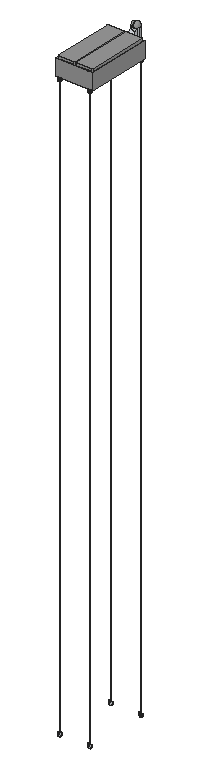
Revit family "62145", category Lighting Fixtures, host Face, Revit 2018
Family settings
  Host = Face
  Round Connector Dimension = Use Diameter
  Part Type = Normal
  OmniClass Number = 23.80.70.00
  OmniClass Title = Lighting
  Cut with Voids When Loaded = No
  Light Source = Yes
  Shared = No
  Room Calculation Point = No
Parameters (values of type "0062145 KUBIXX 4000K 9KLM WIDE SSA")
  Weight = "n/a"
  Wattage Comments = ""
  Wattage = 9.2903 W
  WarrantyStartDate [instance] = "n/a"
  WarrantyGuarantorParts = "n/a"
  WarrantyDurationUnit = "n/a"
  WarrantyDurationParts = ""
  WarrantyDescription = "http://www.sylvania-lighting.com"
  built-in parameter 1150110 = 1 (stored number, unit not read)
  Voltage = 0 V
  URL = "0"
  TypeName = "KubiXx 4000K 9KLM WIDE SSA"
  Type Image = <None>
  Type Comments = "n/a"
  built-in parameter 1114217 = 1 (stored number, unit not read)
  Total Length = 411.857 mm
  Tilt Angle = -90.00°
  built-in parameter 1150109 = 1 (stored number, unit not read)
  built-in parameter 1150134 = 3
  Suspension height = 3000 mm
  built-in parameter 1150113 = 1 (stored number, unit not read)
  SerialNumber [instance] = "n/a"
  Photometric Web File = "0062145.IES"
  Material_3_SYL = none
  PowerFactor = 0
  PowerConsumption = "Lighting"
  NominalLength = 190 mm
  NominalHeight = 94 mm
  NominalDepth = 330 mm
  Name = "KubiXx 4000K 9KLM WIDE SSA"
  ModelReference = Name  # "KubiXx 4000K 9KLM WIDE SSA"
  ModelNumber = "0062145"
  Model = Name  # "KubiXx 4000K 9KLM WIDE SSA"
  Material = "Feilo Sylvania"
  ManufacturerName = "172 lm/W"
  Manufacturer = ""
  LuminousEfficacy = ""
  built-in parameter 1150105 = 109.82 (stored number, unit not read)
  Lumens = 1380 lm
  LuminaireType = "0"
  built-in parameter 1150115 = 1 (stored number, unit not read)
  LightOutputRatio = "LED"
  built-in parameter 1150137 = (empty or 0)
  built-in parameter 1150139 = (empty or 0)
  LampsType = Lamp  # "n/a"
  LampNominalLuminous = "4000 K"
  LampMacAdamStep = "80"
  LampColourTemperature = "LED"
  LampColourRenderingIndex = "16500"
  built-in parameter 1150112 = 1 (stored number, unit not read)
  built-in parameter 1150114 = 1 (stored number, unit not read)
  Lamp = "n/a"
  Keynote = "n/a"
  InstallationDate [instance] = "n/a"
  InputVoltage = "0"
  InputNominalFrequency = "4000"
  built-in parameter 1150132 = (empty or 0)
  built-in parameter 1150102 = (empty or 0)
  built-in parameter 1150107 = 3200 (stored number, unit not read)
  built-in parameter 1150138 = (empty or 0)
  IngressProtection = "IfcLightFixtureType"
  ImpactProtectionIndex = "IfcLightFixtureType"
  built-in parameter 1150106 = 1.0982 (stored number, unit not read)
  IfcExportType = "IfcLightFixtureType"
  IfcExportAs = "Class I"
  Emit from Circle Diameter = 609.6 mm
  Emit Shape Visible in Rendering = no
  ElectricShockClassification = "172"
  built-in parameter 1150104 = 13.8 (stored number, unit not read)
  DocumentationLiterature = "http://www.sylvania-lighting.com/product/en-int/products/0062145"
  DimmingControlOptions = "n/a"
  Material_2_SYL = none
  Dimming Lamp Color Temperature Shift = <None>
  Description = "Logistics and Industry high bay luminaire with wide optics to provide homogenous light distribution for open space areas. 9300lumens, 54W, 172lm/W, 4000K, CRI80, wide beam optic, SylSmart SSA dimmable, 3 step MacAdam ellipse, grey finish (RAL7012), Class 1, 220-240V, IP65, IK06."
  Default Elevation = 1219.2 mm
  CreatedOn = "07/11/2023"
  CreatedBy = "@sylvania-lighting.com"
  Cost = 0
  Color Filter = 16777215
  built-in parameter 1114216 [instance] = (empty or 0)
  ClassificationValue = "EF_70_80"
  ClassificationName = "Uniclass2015"
  Material_1_SYL = none
  BarCode [instance] = "n/a"
  built-in parameter 1114218 = 1 (stored number, unit not read)
  built-in parameter 1150133 = 10 (stored number, unit not read)
  AssetType = "Fixed"
  AssetIdentifier [instance] = "n/a"
  Assembly Code = "D5020200"
  Apparent Load = 54 VA
  Material_4_SYL = none
Reference planes
  plane 1 "Center (Front/Back)": y = 0
  plane 2: z = 0
  plane 3 "Center (Left/Right)": x = 0
  plane 4: x = -95
  plane 5: x = 95
  plane 6: y = 165
  plane 7: y = -165
  plane 8: z = 94
  plane 9: y = 160
  plane 10: y = -160
  plane 11: x = -93.6
  plane 12: x = -89.2
  plane 13: x = -2.2
  plane 14: x = 2.2
  plane 15: x = 89.2
  plane 16: x = 93.6
  plane 17: x = 77.2
  plane 18: x = -77.2
  plane 19: x = -87.2
  plane 20: x = -67.2
  plane 21: z = -18
  plane 22: y = 162
  plane 23: z = -8
  plane 24: y = -162
  plane 25: z = 3083
  plane 26: z = 3094
  plane 27: y = 163.5
  plane 28: z = 3000
  plane 29: z = 2982
  plane 30: y = -275
  plane 31: z = 3051.416
  plane 32: z = 3086.416
  plane 33: z = 3075.416
  plane 34: y = -213
  plane 35: y = -255
  plane 36: z = 3081.416
  plane 37: x = 0
  plane 38: x = -20.5
  plane 39: x = 20.5
  plane 40: z = 3071
  plane 41: y = -259
  plane 42: y = -243
  plane 43: y = -200
  plane 44: y = 246.857
Forms (mm)
  Extrusion 1, solid, material "Aluminum", detail levels medium+fine
    sketch origin (0, 0, 0) x (1, 0, 0) y (0, 1, 0)
      loop
        line (-95, 165) -> (-95, -165) -> (95, -165) -> (95, 165) -> (-95, 165)
    from 3000 to 3083
  Extrusion 2, solid, material "Acetal Resin, White", detail levels medium+fine
    sketch origin (91.4, 0, 0) x (1, 0, 0) y (0, 1, 0)
      loop
        arc (-175.6, 160) -> (-179.136, 158.536) -> (-180.6, 155) r 5
        line (-180.6, 155) -> (-180.6, -155)
        arc (-180.6, -155) -> (-179.136, -158.536) -> (-175.6, -160) r 5
        line (-175.6, -160) -> (-98.6, -160)
        arc (-98.6, -160) -> (-95.064, -158.536) -> (-93.6, -155) r 5
        line (-93.6, -155) -> (-93.6, 155)
        arc (-93.6, 155) -> (-95.064, 158.536) -> (-98.6, 160) r 5
        line (-98.6, 160) -> (-175.6, 160)
    from 3083 to 3094
  Extrusion 3, solid, material "Acetal Resin, White", detail levels medium+fine
    sketch origin (182.8, 0, 0) x (1, 0, 0) y (0, 1, 0)
      loop
        arc (-175.6, 160) -> (-179.136, 158.536) -> (-180.6, 155) r 5
        line (-180.6, 155) -> (-180.6, -155)
        arc (-180.6, -155) -> (-179.136, -158.536) -> (-175.6, -160) r 5
        line (-175.6, -160) -> (-98.6, -160)
        arc (-98.6, -160) -> (-95.064, -158.536) -> (-93.6, -155) r 5
        line (-93.6, -155) -> (-93.6, 155)
        arc (-93.6, 155) -> (-95.064, 158.536) -> (-98.6, 160) r 5
        line (-98.6, 160) -> (-175.6, 160)
    from 3083 to 3094
  Extrusion 4, solid
    sketch origin (0, 0, 0) x (1, 0, 0) y (0, 0, 1)
      loop
        line (-87.2, 0) -> (-87.2, -8)
        arc (-87.2, -8) -> (-84.271, -15.071) -> (-77.2, -18) r 10
        arc (-77.2, -18) -> (-70.129, -15.071) -> (-67.2, -8) r 10
        line (-67.2, -8) -> (-67.2, 0) -> (-87.2, 0)
    from -165 to -162
  Extrusion 5, void
    sketch origin (0, 0, 0) x (1, 0, 0) y (0, 0, 1)
      loop
        circle (-77.2, -8) r 3
    from -169.572 to 175.485
  Extrusion 6, solid
    sketch origin (154.4, 0, 0) x (1, 0, 0) y (0, 0, 1)
      loop
        line (-87.2, 0) -> (-87.2, -8)
        arc (-87.2, -8) -> (-84.271, -15.071) -> (-77.2, -18) r 10
        arc (-77.2, -18) -> (-70.129, -15.071) -> (-67.2, -8) r 10
        line (-67.2, -8) -> (-67.2, 0) -> (-87.2, 0)
    from -165 to -162
  Extrusion 7, void
    sketch origin (154.4, 0, 0) x (1, 0, 0) y (0, 0, 1)
      loop
        circle (-77.2, -8) r 3
    from -169.572 to 188.62
  Extrusion 8, solid
    sketch origin (0, 0, 0) x (1, 0, 0) y (0, 0, 1)
      loop
        line (-87.2, 0) -> (-87.2, -8)
        arc (-87.2, -8) -> (-84.271, -15.071) -> (-77.2, -18) r 10
        arc (-77.2, -18) -> (-70.129, -15.071) -> (-67.2, -8) r 10
        line (-67.2, -8) -> (-67.2, 0) -> (-87.2, 0)
    from 162 to 165
  Extrusion 9, solid
    sketch origin (153.445, 0, 0) x (1, 0, 0) y (0, 0, 1)
      loop
        line (-86.235, 0) -> (-86.235, -7.889)
        arc (-86.235, -7.889) -> (-83.306, -14.96) -> (-76.235, -17.889) r 10
        arc (-76.235, -17.889) -> (-69.163, -14.96) -> (-66.235, -7.889) r 10
        line (-66.235, -7.889) -> (-66.235, 0) -> (-86.235, 0)
    from 162 to 165
  Extrusion 10, solid, material "Aluminum", detail levels fine
    sketch origin (0, 0, 2992) x (1, 0, 0) y (0, 0, 1)
      loop
        line (-87.2, 8) -> (-87.2, 0)
        arc (-87.2, 0) -> (-84.271, -7.071) -> (-77.2, -10) r 10
        arc (-77.2, -10) -> (-70.129, -7.071) -> (-67.2, 0) r 10
        line (-67.2, 0) -> (-67.2, 8) -> (-87.2, 8)
    from -165 to -162
  Extrusion 11, void
    sketch origin (0.086, 0, 2990.692) x (1, 0, 0) y (0, 0, 1)
      loop
        circle (-77.2, 0) r 3
    from -169.572 to 175.485
  Extrusion 12, solid, material "Aluminum", detail levels fine
    sketch origin (154.4, 0, 2992) x (1, 0, 0) y (0, 0, 1)
      loop
        line (-87.2, 8) -> (-87.2, 0)
        arc (-87.2, 0) -> (-84.271, -7.071) -> (-77.2, -10) r 10
        arc (-77.2, -10) -> (-70.129, -7.071) -> (-67.2, 0) r 10
        line (-67.2, 0) -> (-67.2, 8) -> (-87.2, 8)
    from -165 to -162
  Extrusion 13, void
    sketch origin (154.475, 0, 2991.254) x (1, 0, 0) y (0, 0, 1)
      loop
        circle (-77.2, 0) r 3
    from -169.572 to 188.62
  Extrusion 14, solid, material "Aluminum", detail levels fine
    sketch origin (0, 0, 2992) x (1, 0, 0) y (0, 0, 1)
      loop
        line (-87.2, 8) -> (-87.2, 0)
        arc (-87.2, 0) -> (-84.271, -7.071) -> (-77.2, -10) r 10
        arc (-77.2, -10) -> (-70.129, -7.071) -> (-67.2, 0) r 10
        line (-67.2, 0) -> (-67.2, 8) -> (-87.2, 8)
    from 162 to 165
  Extrusion 15, solid, material "Aluminum", detail levels fine
    sketch origin (153.445, 0, 2992) x (1, 0, 0) y (0, 0, 1)
      loop
        line (-86.235, 8) -> (-86.235, 0.111)
        arc (-86.235, 0.111) -> (-83.306, -6.96) -> (-76.235, -9.889) r 10
        arc (-76.235, -9.889) -> (-69.163, -6.96) -> (-66.235, 0.111) r 10
        line (-66.235, 0.111) -> (-66.235, 8) -> (-86.235, 8)
    from 162 to 165
  Extrusion 16, solid, material "Stainless Steel"
    sketch origin (0, 0, 0) x (1, 0, 0) y (0, 1, 0)
      loop
        circle (-77.2, 163.5) r 1
    from 0 to 3000
  Extrusion 17, solid, material "Stainless Steel"
    sketch origin (154.4, 0, 0) x (1, 0, 0) y (0, 1, 0)
      loop
        circle (-77.2, 163.5) r 1
    from 0 to 3000
  Extrusion 18, solid, material "Stainless Steel"
    sketch origin (0, -327, 0) x (1, 0, 0) y (0, 1, 0)
      loop
        circle (-77.2, 163.5) r 1
    from 0 to 3000
  Extrusion 19, solid, material "Stainless Steel"
    sketch origin (154.386, -327.05, 0) x (1, 0, 0) y (0, 1, 0)
      loop
        circle (-77.2, 163.5) r 1
    from 0 to 3000
  Extrusion 20, solid, detail levels coarse
    sketch origin (0, 0, 0) x (1, 0, 0) y (0, 0, 1)
      loop
        line (-95, 3094) -> (-95, 0) -> (95, 0) -> (95, 3094) -> (-95, 3094)
    from -246.857 to 165
  Extrusion 21, solid, material "Acetal Resin, White", not visible
    sketch origin (319, 1524, 1219.2) x (0, 1, 0) y (0, 0, 1)
      loop
        line (-1689, 1833.8) -> (-1689, 1863.8) -> (-1799, 1863.8) -> (-1799, 1833.8) -> (-1689, 1833.8)
    from -339.5 to -298.5
  Revolve 22, solid, material "Acetal Resin, White", not visible
    sketch origin (-0.37, 1524, 1219.2) x (0, 1, 0) y (0, 0, 1)
      loop
        line (-1783, 1851.8) -> (-1767, 1851.8)
        arc (-1767, 1851.8) -> (-1773.505, 1859.304) -> (-1783, 1862.216) r 18.002
        line (-1783, 1862.216) -> (-1783, 1851.8)
      axis (-1783, 1862.216) -> (-1783, 1851.8)
    angle from -180 to 179.537
  Extrusion 23, solid, material "Acetal Resin, White", not visible
    sketch origin (319, 1524, 1219.2) x (0, 1, 0) y (0, 0, 1)
      loop
        line (-1689, 1833.8) -> (-1689, 1863.8) -> (-1799, 1863.8) -> (-1799, 1833.8) -> (-1689, 1833.8)
    from -339.5 to -298.5
  Extrusion 24, void, not visible
    sketch origin (0, 0, 0) x (1, 0, 0) y (0, 1, 0)
      loop
        line (-20.5, -254.5) -> (-20.5, -275) -> (0, -275)
        arc (0, -275) -> (-14.496, -268.996) -> (-20.5, -254.5) r 20.5
    from 3000 to 3132.374
  Extrusion 25, void, not visible
    sketch origin (0, 0, 0) x (1, 0, 0) y (0, 1, 0)
      loop
        arc (20.5, -254.5) -> (14.496, -268.996) -> (0, -275) r 20.5
        line (0, -275) -> (20.5, -275) -> (20.5, -254.5)
    from 3030.992 to 3095.862
  Extrusion 26, void, not visible
    sketch origin (319, 1524, 1219.2) x (0, 1, 0) y (0, 0, 1)
      loop
        line (-1724, 1863.8) -> (-1799, 1863.8) -> (-1799, 1851.8) -> (-1767, 1851.8) -> (-1724, 1863.8)
    from -390.202 to -258.5
  Revolve 27, solid, material "Acetal Resin, White", not visible
    sketch origin (-0.37, 1524, 1219.2) x (0, 1, 0) y (0, 0, 1)
      loop
        line (-1783, 1851.8) -> (-1767, 1851.8)
        arc (-1767, 1851.8) -> (-1773.505, 1859.304) -> (-1783, 1862.216) r 18.002
        line (-1783, 1862.216) -> (-1783, 1851.8)
      axis (-1783, 1862.216) -> (-1783, 1851.8)
    angle from -180 to 179.537
  Extrusion 28, solid, material "Acetal Resin, White", not visible
    sketch origin (319, 1524, 1219.2) x (0, 1, 0) y (0, 0, 1)
      loop
        line (-1689, 1833.8) -> (-1689, 1863.8) -> (-1799, 1863.8) -> (-1799, 1833.8) -> (-1689, 1833.8)
    from -339.5 to -298.5
  Extrusion 29, void, not visible
    sketch origin (0, 0, 0) x (1, 0, 0) y (0, 1, 0)
      loop
        line (-20.5, -254.5) -> (-20.5, -275) -> (0, -275)
        arc (0, -275) -> (-14.496, -268.996) -> (-20.5, -254.5) r 20.5
    from 3000 to 3132.374
  Extrusion 30, void, not visible
    sketch origin (0, 0, 0) x (1, 0, 0) y (0, 1, 0)
      loop
        arc (20.5, -254.5) -> (14.496, -268.996) -> (0, -275) r 20.5
        line (0, -275) -> (20.5, -275) -> (20.5, -254.5)
    from 3030.992 to 3095.862
  Extrusion 31, void, not visible
    sketch origin (319, 1524, 1219.2) x (0, 1, 0) y (0, 0, 1)
      loop
        line (-1724, 1863.8) -> (-1799, 1863.8) -> (-1799, 1851.8) -> (-1767, 1851.8) -> (-1724, 1863.8)
    from -390.202 to -258.5
  Revolve 32, solid, material "Acetal Resin, White", not visible
    sketch origin (-0.37, 1524, 1219.2) x (0, 1, 0) y (0, 0, 1)
      loop
        line (-1783, 1851.8) -> (-1767, 1851.8)
        arc (-1767, 1851.8) -> (-1773.505, 1859.304) -> (-1783, 1862.216) r 18.002
        line (-1783, 1862.216) -> (-1783, 1851.8)
      axis (-1783, 1862.216) -> (-1783, 1851.8)
    angle from -180 to 179.537
  Blend 33, solid
    base sketch origin (0, -0.051, 0) x (1, 0, 0) y (0, 1, 0)
      loop
        circle (0, 228) r 19
    top sketch origin (0, -0.051, 0) x (1, 0, 0) y (0, 1, 0)
      loop
        circle (0, 228) r 19
    from 3039 to 3094
  Revolve 34, solid, material "Acetal Resin, White"
    sketch origin (-0.021, 1523.949, 1219.237) x (0, 1, 0) y (0, 0, 1)
      loop
        line (-1296, 1874.8) -> (-1277, 1874.8)
        arc (-1277, 1874.8) -> (-1282.5, 1888.6) -> (-1296, 1894.8) r 20
        line (-1296, 1894.8) -> (-1296, 1874.8)
      axis (-1296, 1894.8) -> (-1296, 1874.8)
    angle from 179.389 to 539.028
  Extrusion 35, solid
    sketch origin (0, -0.051, 0) x (1, 0, 0) y (0, 1, 0)
      loop
        line (-13.5, 214.609) -> (-13.5, 165) -> (13.5, 165) -> (13.5, 214.609) -> (-13.5, 214.609)
    from 3039 to 3083
  Extrusion 36, void
    sketch origin (319, 1523.949, 1219.2) x (0, 1, 0) y (0, 0, 1)
      loop
        line (-1309.391, 1863.8) -> (-1359, 1863.8) -> (-1359, 1843.8) -> (-1333.226, 1843.8) -> (-1309.391, 1863.8)
    from -343.775 to -294
  Blend 37, solid, not visible
    base sketch origin (0, 0, 0) x (1, 0, 0) y (0, 1, 0)
      loop
        circle (0, 228) r 19
    top sketch origin (0, 0, 0) x (1, 0, 0) y (0, 1, 0)
      loop
        circle (0, 228) r 19
    from 3039 to 3094
  Revolve 38, solid, material "Acetal Resin, White", not visible
    sketch origin (-0.021, 1524, 1219.237) x (0, 1, 0) y (0, 0, 1)
      loop
        line (-1296, 1874.8) -> (-1277, 1874.8)
        arc (-1277, 1874.8) -> (-1282.5, 1888.6) -> (-1296, 1894.8) r 20
        line (-1296, 1894.8) -> (-1296, 1874.8)
      axis (-1296, 1894.8) -> (-1296, 1874.8)
    angle from 179.389 to 539.028
  Extrusion 39, solid, not visible
    sketch origin (0, 0, 0) x (1, 0, 0) y (0, 1, 0)
      loop
        line (-13.5, 214.609) -> (-13.5, 165) -> (13.5, 165) -> (13.5, 214.609) -> (-13.5, 214.609)
    from 3039 to 3083
  Extrusion 40, void, not visible
    sketch origin (319, 1524, 1219.2) x (0, 1, 0) y (0, 0, 1)
      loop
        line (-1309.391, 1863.8) -> (-1359, 1863.8) -> (-1359, 1843.8) -> (-1333.226, 1843.8) -> (-1309.391, 1863.8)
    from -343.775 to -294
Cuts and joins
  Extrusion 5, Extrusion 7, Extrusion 11 cuts Extrusion 4
  Extrusion 7, Extrusion 13 cuts Extrusion 6
  Extrusion 5, Extrusion 11 cuts Extrusion 8
  Extrusion 7, Extrusion 13 cuts Extrusion 9
  Extrusion 11 cuts Extrusion 10
  Extrusion 11 cuts Extrusion 14
  Extrusion 13 cuts Extrusion 12
  Extrusion 13 cuts Extrusion 15
  Extrusion 36 cuts Extrusion 35
Dimensions and locks
  "NominalLength": plane 4 to plane 5
  equal spacing: plane 4, plane 3 "Center (Left/Right)", plane 5
  "NominalDepth": plane 6 to plane 7
  equal spacing: plane 6, plane 1 "Center (Front/Back)", plane 7
  "NominalHeight": plane 8 to level
  Extrusion 3 to plane 3 "Center (Left/Right)" = 2.2 mm
  plane 3 "Center (Left/Right)" to Extrusion 2 = 89.2 mm
  "Suspension height": level to plane 28
  plane 26 to plane 25 = 11 mm
  "NominalHeight": plane 28 to plane 26
  "Total Length": plane 44 to plane 7
  aligned and locked: plane 2 to host face
  aligned and locked: level to host face
Automatic sketch dimensions
  host sketch curve to host sketch curve = 2438.4 mm  (x2)
  Extrusion 1 sketch curve to plane 4 = 0 mm
  Extrusion 1 sketch curve to plane 5 = 0 mm
  Extrusion 1 sketch curve to plane 7 = 0 mm
  Extrusion 1 sketch curve to plane 6 = 0 mm
  Extrusion 2 sketch curve to plane 12 = 0 mm
  Extrusion 2 sketch curve to plane 10 = 0 mm
  Extrusion 2 sketch curve to plane 9 = 0 mm
  Extrusion 2 sketch curve to plane 13 = 0 mm
  plane 19 to Extrusion 2 sketch curve = 3 mm  (x2)
  Extrusion 2 sketch curve to plane 9 = 5 mm
  Extrusion 2 sketch curve to plane 13 = 5 mm
  Extrusion 3 sketch curve to plane 14 = 0 mm
  Extrusion 3 sketch curve to plane 10 = 0 mm
  Extrusion 3 sketch curve to plane 9 = 0 mm
  Extrusion 3 sketch curve to plane 15 = 0 mm
  plane 14 to Extrusion 3 sketch curve = 5 mm  (x2)
  Extrusion 3 sketch curve to plane 9 = 5 mm
  Extrusion 3 sketch curve to plane 15 = 5 mm
  Extrusion 4 sketch curve to Extrusion 4 sketch curve = 0 mm  (x2)
  Extrusion 4 sketch curve to plane 19 = 0 mm
  Extrusion 4 sketch curve to plane 18 = 0 mm
  Extrusion 4 sketch curve to plane 21 = 0 mm
  Extrusion 4 sketch curve to level = 0 mm
  Extrusion 5 sketch curve to plane 18 = 0 mm
  Extrusion 5 sketch curve to plane 23 = 0 mm
  Extrusion 6 sketch curve to Extrusion 6 sketch curve = 0 mm  (x2)
  Extrusion 6 sketch curve to plane 23 = 0 mm
  Extrusion 6 sketch curve to level = 0 mm
  Extrusion 6 sketch curve to plane 17 = 0 mm
  Extrusion 6 sketch curve to plane 21 = 0 mm
  Extrusion 7 sketch curve to plane 17 = 0 mm
  Extrusion 7 sketch curve to plane 23 = 0 mm
  Extrusion 8 sketch curve to Extrusion 8 sketch curve = 0 mm  (x2)
  Extrusion 8 sketch curve to plane 19 = 0 mm
  Extrusion 8 sketch curve to plane 18 = 0 mm
  Extrusion 8 sketch curve to plane 21 = 0 mm
  Extrusion 8 sketch curve to level = 0 mm
  Extrusion 9 sketch curve to Extrusion 9 sketch curve = 0 mm  (x2)
  Extrusion 9 sketch curve to level = 0 mm
  plane 23 to Extrusion 9 sketch curve = 0.111 mm
  Extrusion 9 sketch curve to plane 17 = 9.989 mm
  plane 17 to Extrusion 9 sketch curve = 0.011 mm
  Extrusion 10 sketch curve to plane 19 = 0 mm
  Extrusion 10 sketch curve to plane 18 = 0 mm
  plane 18 to Extrusion 11 sketch curve = 0.086 mm
  Extrusion 12 sketch curve to Extrusion 12 sketch curve = 0 mm  (x2)
  Extrusion 12 sketch curve to plane 17 = 0 mm
  plane 17 to Extrusion 13 sketch curve = 0.075 mm
  Extrusion 14 sketch curve to plane 19 = 0 mm
  Extrusion 14 sketch curve to plane 18 = 0 mm
  Extrusion 15 sketch curve to Extrusion 15 sketch curve = 0 mm  (x2)
  Extrusion 15 sketch curve to plane 17 = 9.989 mm
  plane 17 to Extrusion 15 sketch curve = 0.011 mm
  Extrusion 16 sketch curve to plane 18 = 0 mm
  Extrusion 16 sketch curve to plane 27 = 0 mm
  Extrusion 17 sketch curve to plane 17 = 0 mm
  plane 27 to Extrusion 17 sketch curve = 0 mm
  Extrusion 18 sketch curve to plane 18 = 0 mm
  plane 7 to Extrusion 18 sketch curve = 1.5 mm
  plane 1 "Center (Front/Back)" to Extrusion 19 sketch curve = 163.55 mm
  plane 18 to Extrusion 19 sketch curve = 154.386 mm
  Extrusion 10 sketch curve to Extrusion 10 sketch curve = 0 mm  (x2)
  Extrusion 12 sketch curve to plane 17 = 10 mm
  Extrusion 14 sketch curve to Extrusion 14 sketch curve = 0 mm  (x2)
  Extrusion 20 sketch curve to level = 0 mm
  Extrusion 20 sketch curve to plane 4 = 0 mm
  Extrusion 20 sketch curve to plane 5 = 0 mm
  plane 25 to Extrusion 20 sketch curve = 11 mm
  Extrusion 10 sketch curve to plane 28 = 0 mm
  Extrusion 12 sketch curve to plane 28 = 0 mm
  Extrusion 14 sketch curve to plane 28 = 0 mm
  Extrusion 15 sketch curve to plane 28 = 0 mm
  Extrusion 10 sketch curve to plane 29 = 0 mm
  plane 29 to Extrusion 11 sketch curve = 8.692 mm
  Extrusion 12 sketch curve to plane 29 = 0 mm
  Extrusion 13 sketch curve to plane 28 = 8.746 mm
  Extrusion 14 sketch curve to plane 29 = 0 mm
  Extrusion 15 sketch curve to plane 28 = 7.889 mm
  Revolve 22 sketch curve to Revolve 22 sketch curve = 2.581 mm
  Extrusion 21 sketch curve to Extrusion 21 sketch curve = 110 mm
  Extrusion 21 sketch curve to Extrusion 21 sketch curve = 30 mm
  Revolve 22 sketch curve to Revolve 22 sketch curve = 0.327 mm
  Revolve 22 sketch curve to Revolve 22 sketch curve = 16 mm
  Revolve 22 sketch curve to Revolve 22 sketch curve = 7.582 mm
  Revolve 22 sketch curve to Revolve 22 sketch curve = 0 mm
  Revolve 22 sketch curve to Revolve 22 sketch curve = 3.524 mm
  Revolve 27 sketch curve to Revolve 27 sketch curve = 2.581 mm
  Extrusion 23 sketch curve to Extrusion 23 sketch curve = 110 mm
  Extrusion 23 sketch curve to Extrusion 23 sketch curve = 30 mm
  Revolve 27 sketch curve to Revolve 27 sketch curve = 0.327 mm
  Revolve 27 sketch curve to Revolve 27 sketch curve = 16 mm
  Revolve 27 sketch curve to Revolve 27 sketch curve = 7.582 mm
  Revolve 27 sketch curve to Revolve 27 sketch curve = 0 mm
  Revolve 27 sketch curve to Revolve 27 sketch curve = 3.524 mm
  Extrusion 24 sketch curve to Extrusion 24 sketch curve = 20.5 mm
  Extrusion 25 sketch curve to Extrusion 25 sketch curve = 20.5 mm
  Extrusion 26 sketch curve to Extrusion 26 sketch curve = 32 mm
  Extrusion 26 sketch curve to Extrusion 26 sketch curve = 43 mm
  Extrusion 26 sketch curve to Extrusion 26 sketch curve = 12 mm
  Revolve 32 sketch curve to Revolve 32 sketch curve = 2.581 mm
  Extrusion 28 sketch curve to Extrusion 28 sketch curve = 110 mm
  Extrusion 28 sketch curve to Extrusion 28 sketch curve = 30 mm
  Revolve 32 sketch curve to Revolve 32 sketch curve = 0.327 mm
  Revolve 32 sketch curve to Revolve 32 sketch curve = 16 mm
  Revolve 32 sketch curve to Revolve 32 sketch curve = 7.582 mm
  Revolve 32 sketch curve to Revolve 32 sketch curve = 0 mm
  Revolve 32 sketch curve to Revolve 32 sketch curve = 3.524 mm
  Extrusion 29 sketch curve to Extrusion 29 sketch curve = 20.5 mm
  Extrusion 30 sketch curve to Extrusion 30 sketch curve = 20.5 mm
  Extrusion 31 sketch curve to Extrusion 31 sketch curve = 32 mm
  Extrusion 31 sketch curve to Extrusion 31 sketch curve = 43 mm
  Extrusion 31 sketch curve to Extrusion 31 sketch curve = 12 mm
  Revolve 34 sketch curve to Revolve 34 sketch curve = 1 mm
  Revolve 34 sketch curve to Revolve 34 sketch curve = 19 mm
  Revolve 34 sketch curve to Revolve 34 sketch curve = 0.025 mm
  Revolve 34 sketch curve to Revolve 34 sketch curve = 0 mm
  Revolve 34 sketch curve to Revolve 34 sketch curve = 8.022 mm
  Revolve 34 sketch curve to Revolve 34 sketch curve = 11.978 mm
  Extrusion 35 sketch curve to Extrusion 35 sketch curve = 27 mm
  Extrusion 35 sketch curve to Extrusion 35 sketch curve = 49.609 mm
  Extrusion 36 sketch curve to Extrusion 36 sketch curve = 25.774 mm
  Extrusion 36 sketch curve to Extrusion 36 sketch curve = 23.835 mm
  Extrusion 36 sketch curve to Extrusion 36 sketch curve = 20 mm
  Revolve 38 sketch curve to Revolve 38 sketch curve = 1 mm
  Revolve 38 sketch curve to Revolve 38 sketch curve = 19 mm
  Revolve 38 sketch curve to Revolve 38 sketch curve = 0.025 mm
  Revolve 38 sketch curve to Revolve 38 sketch curve = 0 mm
  Revolve 38 sketch curve to Revolve 38 sketch curve = 8.022 mm
  Revolve 38 sketch curve to Revolve 38 sketch curve = 11.978 mm
  Extrusion 39 sketch curve to Extrusion 39 sketch curve = 27 mm
  Extrusion 39 sketch curve to Extrusion 39 sketch curve = 49.609 mm
  Extrusion 40 sketch curve to Extrusion 40 sketch curve = 25.774 mm
  Extrusion 40 sketch curve to Extrusion 40 sketch curve = 23.835 mm
  Extrusion 40 sketch curve to Extrusion 40 sketch curve = 20 mm
  Blend 33 sketch curve to plane 3 "Center (Left/Right)" = 0 mm  (x2)
  Blend 33 sketch curve to plane 44 = 18.908 mm  (x2)
  plane 26 to Revolve 34 sketch curve = 0.062 mm
  Revolve 34 sketch curve to plane 44 = 19.908 mm
  Extrusion 35 sketch curve to plane 6 = 0.051 mm
  plane 38 to Extrusion 35 sketch curve = 7 mm
  Extrusion 36 sketch curve to plane 25 = 0 mm
  Extrusion 36 sketch curve to plane 6 = 0.051 mm
  radius of Extrusion 5 sketch curve = 3 mm
  radius of Extrusion 7 sketch curve = 3 mm
  radius of Extrusion 11 sketch curve = 3 mm
  radius of Extrusion 13 sketch curve = 3 mm
  radius of Extrusion 16 sketch curve = 1 mm
  radius of Extrusion 17 sketch curve = 1 mm
  radius of Extrusion 18 sketch curve = 1 mm
  radius of Extrusion 19 sketch curve = 1 mm
  radius of Blend 33 sketch curve = 19 mm  (x2)
  radius of Blend 37 sketch curve = 19 mm  (x2)
Connectors
  electrical at (0, 0, 3000)
    settings: on Extrusion 1, index 1, voltage 0 V, apparent load 0 VA, apparent load phase1 0 VA, apparent load phase2 0 VA, apparent load phase3 0 VA, power factor 1, load classification "Other", number of poles 1, system type 31, power factor state 1, is connector primary yes, connector utility no, sub classification motor no, connector description ""
